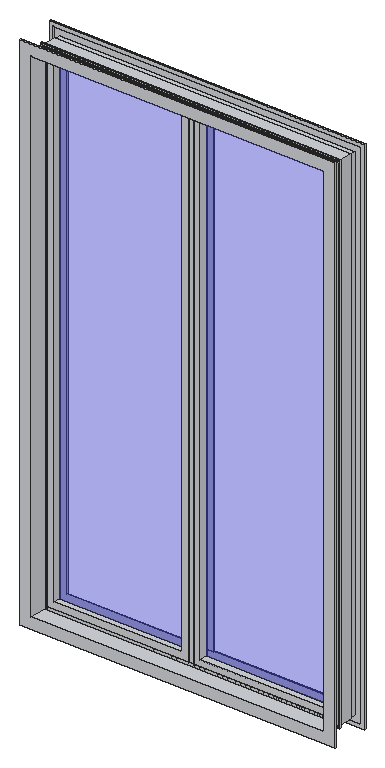
Revit family "1550_Fixed Single Vertical Rail", category Windows, host Wall, Revit 2023
Family settings
  Host = Wall
  OmniClass Number = 23.30.20.00
  OmniClass Title = Windows
  Always vertical = Yes
  Cut with Voids When Loaded = No
  Shared = No
  Room Calculation Point = No
Parameters
  Left Bay Width (Rail Placement) = 1' - 2 21/32"
  Height = 5' - 0"
  Glass Material = Glass
  Frame Material = none
  Depth From Exterior = 0' - 1"
  Default Sill Height = 3' - 0"
  Wall Closure = By host
  Width = 3' - 0"
Reference planes (in)
  plane 1 "Center (Front/Back)": y = 0
  plane 2: z = 0
  plane 3 "Center (Left/Right)": x = 0
  plane 4 "Left": x = -18
  plane 5 "Right": x = 18
  plane 6 "Sill": z = 36
  plane 7 "Top": z = 96
  plane 8: y = 3
  plane 9: y = 2
  plane 10: y = 0.277
  plane 11: y = -0.501
  plane 12: x = -1.06125
  plane 13: x = 1.06275
  plane 14: x = -0.28
  plane 15: x = 0.282
  plane 16: x = 0.00075
  plane 17: y = 1.375
  plane 18: y = -0.5
  plane 19: y = 1.375
  plane 20: y = 1.5
  plane 21: y = 1.5
  plane 22: y = 0.277
  plane 23: y = -0.501
  plane 24: y = 0.277
  plane 25: y = -0.501
  plane 26: x = 15.719
Forms (in)
  Sweep 1, solid
    path origin (0, 0, 0) x (1, 0, 0) y (0, 0, 1)
      loop
        line (18, 36) -> (18, 96) -> (-18, 96) -> (-18, 36) -> (18, 36)
    profile origin (0, 0, 36) x (0, 0, -1) y (0, -1, 0)
      loop
        line (-2.281, -1.5) -> (-1.25, -1.5) -> (-1.25, -2) -> (0, -2) -> (0, -1.826) -> (-0.376, -1.826) -> (-0.376, -1.875) -> (-1.125, -1.875) -> (-1.125, -1.24219) -> (-1.06267, -1.24219) -> (-1.06267, 0.21773) -> (-1.21109, 0.21773) -> (-1.2967, 0.32278) -> (-1.2967, 0.375) -> (-1.125, 0.375) -> (-1.125, 0.439) -> (-0.87, 0.439) -> (-0.87, 0.5905) -> (-0.932, 0.5905) -> (-0.932, 0.501) -> (-1.125, 0.501) -> (-1.125, 1.876) -> (-0.932, 1.876) -> (-0.932, 1.78589) -> (-0.87, 1.78589) -> (-0.87, 2.22261) -> (-1.125, 2.22261) -> (-1.125, 2.353) -> (-0.376, 2.353) -> (-0.376, 2.304) -> (0, 2.304) -> (0, 2.478) -> (-1.25, 2.478) -> (-1.25, 0.501) -> (-1.5, 0.501) -> (-1.5, -1.375) -> (-2.281, -1.375) -> (-2.281, -1.5)
  Sweep 2, solid, material "Glass" <- "Glass Material"
    path origin (0, 0, 0) x (0, 1, 0) y (0, 0, 1)
      loop
        line (1.375, 37.5) -> (1.375, 94.5)
    profile origin (0, 1.375, 66) x (0, -1, 0) y (1, 0, 0)
      loop
        line (0, -16.5) -> (0.25, -16.5) -> (0.25, 16.5) -> (0, 16.5) -> (0, -16.5)
      loop
        line (0.75, -16.5) -> (1, -16.5) -> (1, 16.5) -> (0.75, 16.5) -> (0.75, -16.5)
  Sweep 3, solid
    path origin (0, 0, 0) x (1, 0, 0) y (0, 0, 1)
      loop
        line (-2.65095, 93.719) -> (-2.65095, 38.281)
    profile origin (-2.65095, 0, 66) x (0, -1, 0) y (1, 0, 0)
      loop
        line (-1.375, 1.5897) -> (-1.375, 3.7137) -> (-1.5, 3.7137) -> (-1.5, 1.5897) -> (-1.375, 1.5897)
  Sweep 4, solid
    path origin (-14.07651, 0, 0) x (1, 0, 0) y (0, 0, 1)
      loop
        line (14.35851, 94.5) -> (14.35851, 37.5)
    profile origin (0.282, 0, 66) x (0, -1, 0) y (1, 0, 0)
      loop
        line (-1.375, -0.562) -> (0.5, -0.562) -> (0.5, 0) -> (-1.375, 0) -> (-1.375, -0.562)
  Sweep 5, solid
    path origin (0, 0, 0) x (1, 0, 0) y (0, 0, 1)
      loop
        line (-16.5, 37.5) -> (-0.28, 37.5) -> (-0.28, 94.5) -> (-16.5, 94.5) -> (-16.5, 37.5)
    profile origin (-8.39, 0, 37.5) x (0, 0, 1) y (0, -1, 0)
      loop
        line (0.78093, 0.501) -> (0, 0.501) -> (0, -0.124) -> (0.35935, -0.124) -> (0.35935, -0.277) -> (0.78093, -0.277) -> (0.78093, 0.501)
  Sweep 6, solid
    path origin (0, 0, 0) x (1, 0, 0) y (0, 0, 1)
      loop
        line (0.282, 37.5) -> (16.5, 37.5) -> (16.5, 94.5) -> (0.282, 94.5) -> (0.282, 37.5)
    profile origin (8.391, 0, 37.5) x (0, 0, 1) y (0, -1, 0)
      loop
        line (0.78093, 0.501) -> (0, 0.501) -> (0, -0.124) -> (0.35843, -0.124) -> (0.35843, -0.277) -> (0.78093, -0.277) -> (0.78093, 0.501)
Lines and regions (in)
  Opening 1
    outline origin (-60, -3, 0) x (1, 0, 0) y (0, 0, 1)
      loop
        line (42, 96) -> (42, 36) -> (78, 36) -> (78, 96) -> (42, 96)
Text (in)
  text "EXTERIOR" at (-58.6888, 50.90694, 0), in view "Ref. Level"
  text "INTERIOR" at (-58.6888, -37.76638, 0), in view "Ref. Level"
  text "Exterior" at (0, 43.65631, 123.19604), in view "Left"
  text "Exterior" at (0, 18.29385, 125.04747), in view "Right"
Dimensions and locks (in)
  equal spacing: plane 4 "Left", plane 3 "Center (Left/Right)", plane 5 "Right"
  "Height": plane 6 "Sill" to plane 7 "Top"
  "Default Sill Height": plane 2 to plane 6 "Sill"
  "Width": plane 4 "Left" to plane 5 "Right"
  "Depth From Exterior": plane 8 to plane 9
  locked: plane 10 to plane 11 at 0.778
  locked: plane 9 to plane 11 at 2.501
  locked: plane 12 to plane 13 at 2.124
  equal spacing: plane 12, plane 16, plane 13
  locked: plane 14 to plane 15 at 0.562
  locked: plane 12 to plane 14 at 0.78125
  locked: plane 17 to plane 18 at 1.875
  locked: plane 20 to plane 19 at 0.125
  locked: plane 9 to plane 21 at 0.5
  locked: plane 22 to plane 23 at 0.778
  locked: plane 24 to plane 25 at 0.778
  locked: plane 26 to plane 5 "Right" at 2.281
  "Left Bay Width (Rail Placement)": plane 13 to plane 26
  aligned and locked: plane 7 "Top" to Opening 1 sketch curve
  aligned and locked: plane 6 "Sill" to Opening 1 sketch curve  (x2)
  aligned and locked: plane 5 "Right" to Opening 1 sketch curve
  aligned and locked: plane 4 "Left" to Opening 1 sketch curve
  aligned and locked: level to plane 2
  aligned and locked: plane 6 "Sill" to Sweep 1 sketch curve
  aligned and locked: plane 4 "Left" to Sweep 1 sketch curve
  aligned and locked: Sweep 1 sketch curve to plane 7 "Top"
  aligned and locked: Sweep 1 sketch curve to plane 5 "Right"
  aligned and locked: Sweep 2 sketch curve to Sweep 1  (x5)
  aligned and locked: plane 8 to host wall
  aligned and locked: plane 9 to Sweep 1
  aligned and locked: plane 11 to Sweep 1
  aligned and locked: Sweep 1 to Sweep 3 sketch curve  (x2)
  aligned and locked: Sweep 1 to Sweep 4 sketch curve  (x2)
  aligned and locked: plane 12 to Sweep 3
  aligned and locked: plane 13 to Sweep 3
  aligned and locked: plane 14 to Sweep 4
  aligned and locked: plane 15 to Sweep 4
  aligned and locked: plane 20 to Sweep 3
  aligned and locked: plane 19 to Sweep 3
  aligned and locked: plane 17 to Sweep 4
  aligned and locked: plane 18 to Sweep 4
  aligned and locked: plane 19 to plane 17
  aligned and locked: plane 21 to Sweep 1
  aligned and locked: plane 20 to plane 21
  aligned and locked: Sweep 5 sketch curve to Sweep 1  (x3)
  aligned and locked: Sweep 5 sketch curve to Sweep 4
  aligned and locked: plane 22 to Sweep 5
  aligned and locked: plane 23 to Sweep 5
  aligned and locked: plane 22 to plane 10
  aligned and locked: Sweep 6 sketch curve to Sweep 1  (x3)
  aligned and locked: Sweep 6 sketch curve to Sweep 4
  aligned and locked: plane 24 to Sweep 6
  aligned and locked: plane 25 to Sweep 6
  aligned and locked: plane 22 to plane 24
  aligned and locked: plane 26 to Sweep 1
Automatic sketch dimensions
  profile plane to Sweep 1 sketch curve = 0' - 1 1/2"
  Sweep 1 sketch curve to Sweep 1 sketch curve = 0' - 0.2033"
  Sweep 1 sketch curve to Sweep 1 sketch curve = 0' - 0.0467"
  Sweep 1 sketch curve to Sweep 1 sketch curve = 0' - 0 1/4"
  Sweep 1 sketch curve to Sweep 1 sketch curve = 0' - 0.08561"
  Sweep 1 sketch curve to Sweep 1 sketch curve = 0' - 0 1/8"  (x4)
  Sweep 1 sketch curve to Sweep 1 sketch curve = 0' - 0.1717"
  Sweep 1 sketch curve to Sweep 1 sketch curve = 0' - 0"
  Sweep 1 sketch curve to Sweep 1 sketch curve = 0' - 0.14842"
  Sweep 1 sketch curve to Sweep 1 sketch curve = 0' - 0.193"  (x2)
  Sweep 1 sketch curve to Sweep 1 sketch curve = 0' - 0.255"
  Sweep 1 sketch curve to Sweep 1 sketch curve = 0' - 0.062"  (x2)
  Sweep 1 sketch curve to Sweep 1 sketch curve = 0' - 0.749"
  Sweep 1 sketch curve to Sweep 1 sketch curve = 0' - 0.494"
  Sweep 1 sketch curve to Sweep 1 sketch curve = 0' - 0.376"  (x2)
  Sweep 1 sketch curve to plane 1 "Center (Front/Back)" = 0' - 2"
  Sweep 1 sketch curve to Sweep 1 sketch curve = 0' - 0.049"  (x2)
  Sweep 1 sketch curve to Sweep 1 sketch curve = 0' - 0 3/8"
  Sweep 1 sketch curve to Sweep 1 sketch curve = 0' - 0 33/128"
  Sweep 1 sketch curve to Sweep 1 sketch curve = 0' - 1.45993"
  Sweep 1 sketch curve to Sweep 1 sketch curve = 0' - 0.10505"
  Sweep 1 sketch curve to Sweep 1 sketch curve = 0' - 0.15727"
  Sweep 1 sketch curve to Sweep 1 sketch curve = 0' - 0.064"
  Sweep 1 sketch curve to Sweep 1 sketch curve = 0' - 0.126"
  Sweep 1 sketch curve to Sweep 1 sketch curve = 0' - 0.0895"
  Sweep 1 sketch curve to Sweep 1 sketch curve = 0' - 1.19539"
  Sweep 1 sketch curve to Sweep 1 sketch curve = 0' - 0.09011"
  Sweep 1 sketch curve to Sweep 1 sketch curve = 0' - 0.34661"
  Sweep 1 sketch curve to Sweep 1 sketch curve = 0' - 0.08139"
  Sweep 1 sketch curve to Sweep 1 sketch curve = 0' - 0.174"
  Sweep 1 sketch curve to Sweep 1 sketch curve = 0' - 0.781"
  Sweep 2 sketch curve to plane 6 "Sill" = 0' - 1 1/2"
  plane 7 "Top" to Sweep 2 sketch curve = 0' - 1 1/2"
  profile plane to Sweep 2 sketch curve = 0' - 0"
  Sweep 2 sketch curve to Sweep 2 sketch curve = 0' - 0 1/4"  (x2)
  Sweep 2 sketch curve to Sweep 2 sketch curve = 0' - 0 3/4"
  Sweep 3 sketch curve to plane 3 "Center (Left/Right)" = 0' - 2.65095"
  Sweep 3 sketch curve to plane 1 "Center (Front/Back)" = 0' - 1 1/2"
  Sweep 3 sketch curve to Sweep 3 sketch curve = 0' - 0 1/8"
  Sweep 3 sketch curve to profile plane = 0' - 1.5897"
  Sweep 3 sketch curve to Sweep 3 sketch curve = 0' - 2.124"
  plane 3 "Center (Left/Right)" to Sweep 4 sketch curve = 0' - 0.282"
  Sweep 4 sketch curve to plane 1 "Center (Front/Back)" = 0' - 1 3/8"
  Sweep 4 sketch curve to Sweep 4 sketch curve = 0' - 1 7/8"
  profile plane to Sweep 4 sketch curve = 0' - 0.562"
  Sweep 4 sketch curve to Sweep 4 sketch curve = 0' - 0.562"
  Sweep 5 sketch curve to profile plane = 0' - 0"
  Sweep 5 sketch curve to Sweep 5 sketch curve = 0' - 0.35935"
  Sweep 5 sketch curve to Sweep 5 sketch curve = 0' - 0.42158"
  Sweep 5 sketch curve to plane 1 "Center (Front/Back)" = 0' - 0.277"
  Sweep 5 sketch curve to Sweep 5 sketch curve = 0' - 0.153"
  Sweep 5 sketch curve to Sweep 5 sketch curve = 0' - 0 5/8"
  Sweep 6 sketch curve to profile plane = 0' - 0"
  Sweep 6 sketch curve to Sweep 6 sketch curve = 0' - 0.35843"
  Sweep 6 sketch curve to Sweep 6 sketch curve = 0' - 0.4225"
  Sweep 6 sketch curve to plane 1 "Center (Front/Back)" = 0' - 0.277"
  Sweep 6 sketch curve to Sweep 6 sketch curve = 0' - 0.153"
  Sweep 6 sketch curve to Sweep 6 sketch curve = 0' - 0 5/8"
